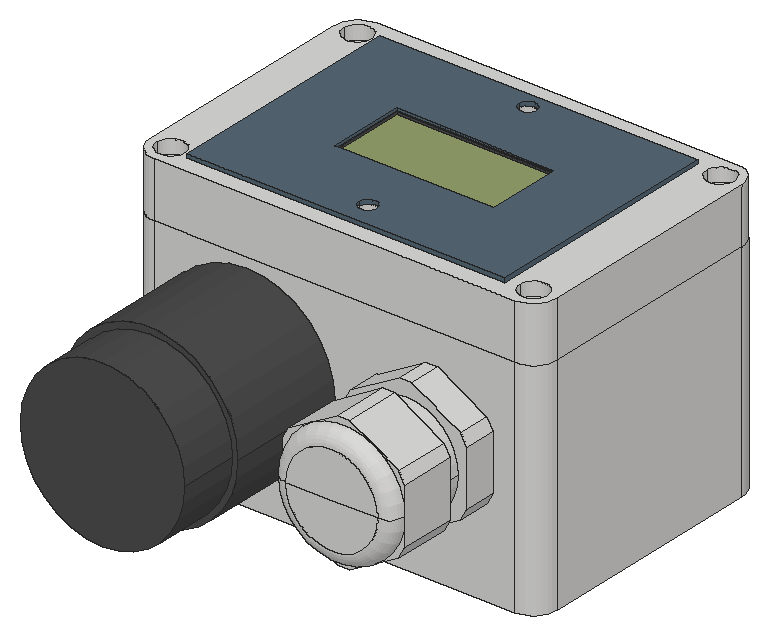
Revit family "Electrical_Controls_Conspec_CN-Series-Fixed-Gas-Detector", category Electrical Fixtures, host Face, Revit 2026
Family settings
  Host = Face
  Round Connector Dimension = Use Diameter
  Part Type = Normal
  Classification Number = 23.85.30.21
  Cut with Voids When Loaded = No
  Maintain Annotation Orientation = No
  Shared = No
  Room Calculation Point = No
Parameters (values of type "CN – Ammonia")
  Width = 4.33"  # constant formula
  Weight = 3.00 lbf  # constant formula
  Voltage Range = "12V - 24V DC"  # constant formula
  Voltage = 24 V
  Version = 1  # constant formula
  URL = "https://www.conspec-controls.com/"
  Sensory Types = "Electrochemical, Catalytic Bead, Infrared, Photo-Ionization, Thermal Conductivity"  # constant formula
  Product data url = "https://bimobject.com/conspec-controls/product/cn-series-fixed-gas-detector"
  Product Material = Conspec - Plastic - FR ABS - Grey
  Power Factor = 0.8
  Output Signal = "Linear 4-20mA"  # constant formula
  Operating Humidity = "10% to 90% RH Non-Condesing"  # constant formula
  Operating Temperature = "-4°F to +120°F"  # constant formula
  Number of Poles = 3
  Models = "2 (Calibration & Normal)"  # constant formula
  Model = "CN01"
  Manufacturer = "CONSPEC Controls"  # constant formula
  Gas Detecting = "Ammonia"
  Display = "2 line, 8 character Alphanumeric LCD"  # constant formula
  Keynote = "16000"
  Height = 2.95"  # constant formula
  Frequency = 0 Hz
  Enclosure Rating and Finish = "NEMA 4X"  # constant formula
  Description = "CN Series Fixed Gas Detector"  # constant formula
  Depth = 2.97"  # constant formula
  Default Elevation = 0.00"
  Date Updated = "2023/10/17"  # constant formula
  Date Created = "2023/10/17"  # constant formula
  Current Consumption = 50 mA  # constant formula
  Cable Requirements = "3-Conductor 18 AWG Suggested"  # constant formula
  Assembly Code = "D5030"
  Apparent Load = 0 VA
Types (13): name | Model | Gas Detecting
  CN – Sulfur Dioxide | "CN13" | "Sulfur Dioxide"
  CN – Ozone | "CN12" | "Ozone"
  CN – Oxygen | "CN11" | "Oxygen"
  CN – Nitrogen Dioxide | "CN10" | "Nitrogen Dioxide"
  CN – Nitric Oxide | "CN09" | "Nitric Oxide"
  CN – Hydrogen Sulfide | "CN08" | "Hydrogen Sulfide"
  CN – Hydrogen Chloride | "CN07" | "Hydrogen Chloride"
  CN – Hydrogen | "CN06" | "Hydrogen"
  CN – Combustibles | "CN05" | "Combustibles"
  CN – Chlorine | "CN04" | "Chlorine"
  CN – Carbon Monoxide | "CN03" | "Carbon Monoxide"
  CN – Carbon Dioxide | "CN02" | "Carbon Dioxide"
  CN – Ammonia | "CN01" | "Ammonia"
Reference planes (in)
  plane 1 "Center (Front/Back)": y = 0
  plane 2: z = 0
  plane 3 "Center (Left/Right)": x = 0
  plane 4: x = -2.165
  plane 5: x = 2.165
  plane 6: y = 1.475
  plane 7: y = -1.475
  plane 8: z = 2.97
  plane 9: z = 2.38189
  plane 10: x = -0.93772
  plane 11: x = 1.03103
  plane 12: z = 1.34073
Forms (in)
  Extrusion 1, solid, material "Conspec - Plastic - FR ABS - Grey" <- "Product Material", detail levels coarse
    sketch origin (0, 0, 0) x (1, 0, 0) y (0, 1, 0)
      loop
        line (-2.165, 1.475) -> (-2.165, -1.475) -> (2.165, -1.475) -> (2.165, 1.475) -> (-2.165, 1.475)
    from 0 to 2.97
  Extrusion 2, solid, material "Conspec - Plastic - FR ABS - Grey" <- "Product Material", detail levels fine
    sketch origin (0, 0, 0) x (1, 0, 0) y (0, 1, 0)
      loop
        arc (-1.915, 1.475) -> (-2.09178, 1.40178) -> (-2.165, 1.225) r 0.25
        line (-2.165, 1.225) -> (-2.165, -1.225)
        arc (-2.165, -1.225) -> (-2.09178, -1.40178) -> (-1.915, -1.475) r 0.25
        line (-1.915, -1.475) -> (1.915, -1.475)
        arc (1.915, -1.475) -> (2.09178, -1.40178) -> (2.165, -1.225) r 0.25
        line (2.165, -1.225) -> (2.165, 1.225)
        arc (2.165, 1.225) -> (2.09178, 1.40178) -> (1.915, 1.475) r 0.25
        line (1.915, 1.475) -> (-1.915, 1.475)
    from 2.38189 to 2.97
  Extrusion 3, solid, material "Conspec - Plastic - Green Transparent - Screen", detail levels fine
    sketch origin (-8.18718, -180, 2.97) x (-1, 0, 0) y (0, -1, 0)
      loop
        line (-7.34378, -180.39856) -> (-7.34378, -179.58606) -> (-9.03128, -179.58606) -> (-9.03128, -180.39856) -> (-7.34378, -180.39856)
    from 0 to -0.05
  Extrusion 4, void
    sketch origin (-8.18718, -180, 2.97) x (-1, 0, 0) y (0, -1, 0)
      loop
        line (-9.03128, -180.39856) -> (-7.34378, -180.39856) -> (-7.34378, -179.58606) -> (-9.03128, -179.58606) -> (-9.03128, -180.39856)
    from 0 to -0.05
  Extrusion 5, void
    sketch origin (0, 0, 0) x (1, 0, 0) y (0, 1, 0)
      loop
        circle (1.9302, 0.88431) r 0.095
      loop
        circle (-1.9302, 0.88431) r 0.095
      loop
        circle (1.9302, -0.88431) r 0.095
      loop
        circle (-1.9302, -0.88431) r 0.095
    from 0 to 0.25
  Extrusion 6, solid, material "Conspec - Plastic - FR ABS - Grey" <- "Product Material", detail levels medium+fine
    sketch origin (0, 0, 0) x (1, 0, 0) y (0, 1, 0)
      loop
        arc (-1.915, 1.475) -> (-2.09178, 1.40178) -> (-2.165, 1.225) r 0.25
        line (-2.165, 1.225) -> (-2.165, -1.225)
        arc (-2.165, -1.225) -> (-2.09178, -1.40178) -> (-1.915, -1.475) r 0.25
        line (-1.915, -1.475) -> (1.915, -1.475)
        arc (1.915, -1.475) -> (2.09178, -1.40178) -> (2.165, -1.225) r 0.25
        line (2.165, -1.225) -> (2.165, 1.225)
        arc (2.165, 1.225) -> (2.09178, 1.40178) -> (1.915, 1.475) r 0.25
        line (1.915, 1.475) -> (-1.915, 1.475)
    from 0 to 2.38189
  Extrusion 7, solid, material "Conspec - Plastic - PC - Dark Blue", detail levels medium+fine
    sketch origin (-8.18718, -180, 2.97) x (-1, 0, 0) y (0, -1, 0)
      loop
        line (-6.46878, -178.71106) -> (-9.84378, -178.71106) -> (-9.84378, -181.27356) -> (-6.46878, -181.27356) -> (-6.46878, -178.71106)
      loop
        line (-9.03128, -179.58606) -> (-9.03128, -180.39856) -> (-7.34378, -180.39856) -> (-7.34378, -179.58606) -> (-9.03128, -179.58606)
      loop
        circle (-8.18718, -181.09261) r 0.095
      loop
        circle (-8.18718, -178.96598) r 0.095
    from 0 to 0.04
  Extrusion 8, solid, material "Conspec - Plastic - PC - Black", detail levels fine
    sketch origin (-8.18718, -180, 2.97) x (-1, 0, 0) y (0, -1, 0)
      loop
        line (-9.03128, -180.39856) -> (-7.34378, -180.39856) -> (-7.34378, -179.58606) -> (-9.03128, -179.58606) -> (-9.03128, -180.39856)
      loop
        line (-9.01128, -180.37656) -> (-7.36378, -180.37656) -> (-7.36378, -179.60606) -> (-9.01128, -179.60606) -> (-9.01128, -180.37656)
    from 0.02 to -0.05
  Extrusion 9, solid, material "Conspec - Plastic - PC - Black"
    sketch origin (-18.83238, -1.475, 48) x (-1, 0, 0) y (0, 0, 1)
      loop
        circle (-17.89466, -46.65927) r 0.94
    from 0 to -1.28551
  Extrusion 10, solid, material "Conspec - Plastic - PC - Black"
    sketch origin (-18.83238, -1.475, 48) x (-1, 0, 0) y (0, 0, 1)
      loop
        circle (-17.89466, -46.65927) r 0.875
    from -1.28551 to -1.91051
  Extrusion 11, solid, material "Conspec - Plastic - FR ABS - Grey" <- "Product Material", detail levels medium
    sketch origin (-3.16281, -180, 2.38189) x (-1, 0, 0) y (0, -1, 0)
      loop
        arc (-1.24781, -181.475) -> (-1.07104, -181.40178) -> (-0.99781, -181.225) r 0.25
        line (-0.99781, -181.225) -> (-0.99781, -178.775)
        arc (-0.99781, -178.775) -> (-1.07104, -178.59822) -> (-1.24781, -178.525) r 0.25
        line (-1.24781, -178.525) -> (-5.07781, -178.525)
        arc (-5.07781, -178.525) -> (-5.25459, -178.59822) -> (-5.32781, -178.775) r 0.25
        line (-5.32781, -178.775) -> (-5.32781, -181.225)
        arc (-5.32781, -181.225) -> (-5.25459, -181.40178) -> (-5.07781, -181.475) r 0.25
        line (-5.07781, -181.475) -> (-1.24781, -181.475)
    from 0 to 0.58811
  Extrusion 12, void
    sketch origin (-8.18718, -180, 2.97) x (-1, 0, 0) y (0, -1, 0)
      loop
        circle (-6.25889, -181.23768) r 0.15
      loop
        circle (-10.11546, -181.23768) r 0.15
      loop
        circle (-6.25889, -178.76232) r 0.15
      loop
        circle (-10.11546, -178.76232) r 0.15
      loop
        circle (-8.18718, -181.09261) r 0.095
      loop
        circle (-8.18718, -178.96598) r 0.095
    from 0 to -0.14
  Extrusion 13, solid, material "Conspec - Plastic - FR ABS - Grey", detail levels coarse
    sketch origin (-18.83238, -1.475, 48) x (-1, 0, 0) y (0, 0, 1)
      loop
        line (-19.28081, -46.24554) -> (-19.79641, -45.94785) -> (-19.93041, -45.94785) -> (-20.44602, -46.24554) -> (-20.51302, -46.36158) -> (-20.51302, -46.95696) -> (-20.44602, -47.073) -> (-19.93041, -47.37069) -> (-19.79641, -47.37069) -> (-19.28081, -47.073) -> (-19.21381, -46.95696) -> (-19.21381, -46.36158) -> (-19.28081, -46.24554)
    from 0 to -1.3285
  Revolve 14, solid, material "Conspec - Plastic - FR ABS - Grey", detail levels medium+fine
    sketch origin (-3.08319, -180, 1.34073) x (-1, 0, 0) y (0, -1, 0)
      loop
        line (-4.11423, -177.1965) -> (-4.11423, -178.525) -> (-3.55786, -178.525) -> (-3.55786, -177.35589) -> (-3.46462, -177.35589)
        arc (-3.46462, -177.35589) -> (-3.51432, -177.24291) -> (-3.62869, -177.1965) r 0.16414
        line (-3.62869, -177.1965) -> (-4.11423, -177.1965)
      axis (-4.11423, -178.525) -> (-4.11423, -177.1965)
    angle from 0 to 360
  Extrusion 15, solid, material "Conspec - Plastic - FR ABS - Grey", detail levels medium+fine
    sketch origin (-18.83238, -1.475, 48) x (-1, 0, 0) y (0, 0, 1)
      loop
        line (-19.93041, -45.94785) -> (-20.44602, -46.24554) -> (-20.51302, -46.36158) -> (-20.51302, -46.95696) -> (-20.44602, -47.073) -> (-19.93041, -47.37069) -> (-19.79641, -47.37069) -> (-19.28081, -47.073) -> (-19.21381, -46.95696) -> (-19.21381, -46.36158) -> (-19.28081, -46.24554) -> (-19.79641, -45.94785) -> (-19.93041, -45.94785)
    from 0 to -0.34472
  Extrusion 16, solid, material "Conspec - Plastic - FR ABS - Grey", detail levels medium+fine
    sketch origin (-18.83238, -1.475, 48) x (-1, 0, 0) y (0, 0, 1)
      loop
        line (-19.93041, -45.94785) -> (-20.44602, -46.24554) -> (-20.51302, -46.36158) -> (-20.51302, -46.95696) -> (-20.44602, -47.073) -> (-19.93041, -47.37069) -> (-19.79641, -47.37069) -> (-19.28081, -47.073) -> (-19.21381, -46.95696) -> (-19.21381, -46.36158) -> (-19.28081, -46.24554) -> (-19.79641, -45.94785) -> (-19.93041, -45.94785)
    from -0.57259 to -1.16911
Cuts and joins
  Extrusion 4, Extrusion 5, Extrusion 12 cuts Extrusion 2
  Extrusion 4, Extrusion 5 cuts Extrusion 6
  Extrusion 4 cuts Extrusion 11
  joined: Revolve 14, Extrusion 15, Extrusion 16
Lines and regions (in)
  Masking region 1
    outline origin (-6.03282, 2.555, 48) x (-1, 0, 0) y (0, 0, 1)
      loop
        line (-3.86782, -45.03) -> (-8.19782, -45.03) -> (-8.19782, -48) -> (-3.86782, -48) -> (-3.86782, -45.03)
  Masking region 2, detail levels medium+fine
    outline origin (-18.83238, -1.475, 48) x (-1, 0, 0) y (0, 0, 1)
      loop
        line (-16.66738, -45.03) -> (-20.99738, -45.03) -> (-20.99738, -45.61811) -> (-16.66738, -45.61811) -> (-16.66738, -45.03)
  Masking region 3, detail levels fine
    outline origin (-18.83238, -1.475, 48) x (-1, 0, 0) y (0, 0, 1)
      loop
        line (-17.11398, -44.99) -> (-20.48898, -44.99) -> (-20.48898, -45.03) -> (-17.11398, -45.03) -> (-17.11398, -44.99)
  model lines, detail levels coarse
    curve 1: circle (-1.92781, 0.88327, 0) r 0.095 normal (0, 0, 1)
    curve 2: circle (1.92781, 0.88327, 0) r 0.095 normal (0, 0, -1)
    curve 3: circle (-1.92781, -0.88327, 0) r 0.095 normal (0, 0, -1)
    curve 4: circle (1.92781, -0.88327, 0) r 0.095 normal (0, 0, 1)
Dimensions and locks (in)
  equal spacing: plane 4, plane 3 "Center (Left/Right)", plane 5
  equal spacing: plane 6, plane 1 "Center (Front/Back)", plane 7
  locked: plane 4 to plane 5 at 4.33
  locked: plane 6 to plane 7 at 2.95
  locked: plane 8 to plane 9 at 0.58811
  locked: plane 4 to plane 10 at 1.22728
  locked: plane 11 to plane 5 at 1.13397
  Extrusion 8 sketch curve to Extrusion 7 = 0.022"
  Extrusion 7 to Extrusion 8 sketch curve = 0.02"
  Extrusion 8 sketch curve to Extrusion 7 = 0.02"  (x2)
  locked: plane 9 to plane 12 at 1.04116
  aligned and locked: plane 2 to host face
  aligned and locked: level to host face
  aligned and locked: Extrusion 1 sketch curve to plane 6
  aligned and locked: Extrusion 1 sketch curve to plane 4
  aligned and locked: Extrusion 1 sketch curve to plane 5
  aligned and locked: Extrusion 1 sketch curve to plane 7
  aligned and locked: Extrusion 1 to plane 2
  aligned and locked: plane 8 to Extrusion 1
  aligned and locked: Extrusion 2 sketch curve to plane 6
  aligned and locked: Extrusion 2 sketch curve to plane 7
  aligned and locked: Extrusion 2 sketch curve to plane 5
  aligned and locked: Extrusion 2 sketch curve to plane 4
  aligned and locked: plane 8 to Extrusion 2
  aligned and locked: Extrusion 6 sketch curve to plane 4
  aligned and locked: plane 6 to Extrusion 6 sketch curve
  aligned and locked: plane 5 to Extrusion 6 sketch curve
  aligned and locked: Extrusion 6 sketch curve to plane 7
  aligned and locked: Extrusion 6 to plane 2
  aligned and locked: plane 10 to Extrusion 9 sketch curve
  aligned and locked: plane 9 to cut or joined group of Extrusion 4, Extrusion 5, Extrusion 6
  aligned and locked: plane 6 to Extrusion 11 sketch curve
  aligned and locked: plane 5 to Extrusion 11 sketch curve
  aligned and locked: Extrusion 11 sketch curve to plane 7
  aligned and locked: Extrusion 11 sketch curve to plane 4
  aligned and locked: Extrusion 11 to plane 9
  aligned and locked: plane 8 to Extrusion 11
  aligned and locked: cut or joined group of Extrusion 2, Extrusion 4, Extrusion 5, Extrusion 12 to plane 9
  aligned and locked: Extrusion 4 sketch curve to Extrusion 7  (x4)
  aligned and locked: Extrusion 7 to Extrusion 3 sketch curve
  aligned and locked: Extrusion 3 sketch curve to Extrusion 7  (x3)
  aligned and locked: Extrusion 8 sketch curve to Extrusion 7  (x4)
  aligned and locked: Revolve 14 sketch curve to plane 11  (x2)
  aligned and locked: Revolve 14 sketch curve to plane 7
  aligned and locked: Extrusion 16 to cut or joined group of Revolve 14, Extrusion 15, Extrusion 16
  aligned and locked: Masking region 2 sketch curve to plane 8
  aligned and locked: plane 9 to Masking region 2 sketch curve
  aligned and locked: plane 4 to Masking region 2 sketch curve
  aligned and locked: Masking region 2 sketch curve to plane 5
  aligned and locked: plane 8 to Masking region 3 sketch curve
Automatic sketch dimensions
  host sketch curve to host sketch curve = 96.00"  (x2)
  plane 4 to Extrusion 2 sketch curve = 0.25"  (x2)
  Extrusion 2 sketch curve to plane 5 = 0.25"  (x2)
  Extrusion 6 sketch curve to Extrusion 6 sketch curve = 0.25"  (x2)
  Extrusion 6 sketch curve to plane 5 = 0.25"  (x2)
  Extrusion 11 sketch curve to plane 5 = 0.25"  (x2)
  plane 4 to Extrusion 11 sketch curve = 0.25"
  Extrusion 11 sketch curve to Extrusion 11 sketch curve = 0.25"
  plane 4 to Extrusion 5 sketch curve = 0.2348"  (x2)
  Extrusion 5 sketch curve to plane 5 = 0.2348"  (x2)
  plane 7 to Extrusion 5 sketch curve = 0.59069"  (x2)
  Extrusion 5 sketch curve to plane 6 = 0.59069"  (x2)
  plane 4 to curve 3 = 0.23719"
  plane 4 to curve 1 = 0.23719"
  curve 4 to plane 5 = 0.23719"
  curve 2 to plane 5 = 0.23719"
  plane 7 to curve 3 = 0.59173"
  plane 7 to curve 4 = 0.59173"
  curve 2 to plane 6 = 0.59173"
  curve 1 to plane 6 = 0.59173"
  Masking region 1 sketch curve to plane 5 = 0.00"
  Masking region 1 sketch curve to plane 4 = 0.00"
  Masking region 1 sketch curve to level = 0.00"
  Masking region 1 sketch curve to plane 8 = 0.00"
  Extrusion 9 sketch curve to plane 9 = 1.04116"
  Extrusion 10 sketch curve to plane 10 = 0.00"
  Extrusion 10 sketch curve to plane 9 = 1.04116"
  Extrusion 7 sketch curve to plane 3 "Center (Left/Right)" = 0.00"  (x2)
  Extrusion 7 sketch curve to plane 11 = 0.18693"
  Extrusion 7 sketch curve to plane 6 = 0.20144"
  Extrusion 7 sketch curve to plane 5 = 0.5084"
  plane 10 to Extrusion 7 sketch curve = 0.09432"
  plane 7 to Extrusion 7 sketch curve = 0.18606"
  plane 4 to Extrusion 7 sketch curve = 0.4466"
  Extrusion 7 sketch curve to plane 6 = 0.38239"
  Extrusion 7 sketch curve to plane 1 "Center (Front/Back)" = 0.39856"
  plane 1 "Center (Front/Back)" to Extrusion 7 sketch curve = 0.41394"
  plane 7 to Extrusion 7 sketch curve = 0.44098"
  Extrusion 12 sketch curve to plane 5 = 0.23672"  (x2)
  plane 4 to Extrusion 12 sketch curve = 0.23672"  (x2)
  Extrusion 12 sketch curve to plane 6 = 0.23732"  (x2)
  plane 7 to Extrusion 12 sketch curve = 0.23732"  (x2)
  Extrusion 12 sketch curve to plane 3 "Center (Left/Right)" = 0.00"  (x2)
  Extrusion 12 sketch curve to plane 6 = 0.38239"
  plane 3 "Center (Left/Right)" to Extrusion 12 sketch curve = 0.095"  (x2)
  Extrusion 12 sketch curve to Extrusion 12 sketch curve = 0.00"  (x2)
  plane 7 to Extrusion 12 sketch curve = 0.44098"
  Extrusion 13 sketch curve to plane 5 = 0.48436"
  Extrusion 13 sketch curve to Extrusion 13 sketch curve = 0.067"  (x3)
  plane 11 to Extrusion 13 sketch curve = 0.067"  (x2)
  Extrusion 13 sketch curve to plane 11 = 0.067"  (x2)
  plane 3 "Center (Left/Right)" to Extrusion 13 sketch curve = 0.44843"  (x2)
  level to Extrusion 13 sketch curve = 0.62931"
  Extrusion 13 sketch curve to Extrusion 13 sketch curve = 0.29769"  (x2)
  Extrusion 13 sketch curve to Extrusion 13 sketch curve = 0.11605"  (x4)
  Extrusion 13 sketch curve to Extrusion 13 sketch curve = 0.59537"  (x2)
  Extrusion 13 sketch curve to plane 9 = 0.32974"
  Revolve 14 sketch curve to plane 7 = 0.00"
  Revolve 14 sketch curve to Revolve 14 sketch curve = 0.48553"
  Revolve 14 sketch curve to Revolve 14 sketch curve = 0.07083"
  Revolve 14 sketch curve to Revolve 14 sketch curve = 0.09324"
  Revolve 14 sketch curve to Revolve 14 sketch curve = 1.16436"
  Revolve 14 sketch curve to Revolve 14 sketch curve = 0.00475"
  Revolve 14 sketch curve to Revolve 14 sketch curve = 0.6436"
  Extrusion 15 sketch curve to plane 5 = 0.48436"
  Extrusion 15 sketch curve to Extrusion 15 sketch curve = 0.067"  (x3)
  plane 11 to Extrusion 15 sketch curve = 0.067"  (x2)
  Extrusion 15 sketch curve to plane 11 = 0.067"  (x2)
  plane 3 "Center (Left/Right)" to Extrusion 15 sketch curve = 0.44843"  (x2)
  level to Extrusion 15 sketch curve = 0.62931"
  Extrusion 15 sketch curve to plane 12 = 0.41373"  (x2)
  Extrusion 15 sketch curve to Extrusion 15 sketch curve = 0.11605"  (x4)
  plane 12 to Extrusion 15 sketch curve = 0.29769"  (x2)
  Extrusion 15 sketch curve to plane 9 = 0.32974"
  Extrusion 16 sketch curve to plane 5 = 0.48436"
  Extrusion 16 sketch curve to Extrusion 16 sketch curve = 0.067"  (x3)
  plane 11 to Extrusion 16 sketch curve = 0.067"  (x2)
  Extrusion 16 sketch curve to plane 11 = 0.067"  (x2)
  plane 3 "Center (Left/Right)" to Extrusion 16 sketch curve = 0.44843"  (x2)
  level to Extrusion 16 sketch curve = 0.62931"
  Extrusion 16 sketch curve to plane 12 = 0.41373"  (x2)
  Extrusion 16 sketch curve to Extrusion 16 sketch curve = 0.11605"  (x4)
  plane 12 to Extrusion 16 sketch curve = 0.29769"  (x2)
  Extrusion 16 sketch curve to plane 9 = 0.32974"
  plane 8 to Masking region 3 sketch curve = 0.04"
  Masking region 3 sketch curve to plane 5 = 0.5084"
  plane 4 to Masking region 3 sketch curve = 0.4466"
  radius of Extrusion 5 sketch curve = 0.095"  (x4)
  radius of curve 1 = 0.095"
  radius of curve 2 = 0.095"
  radius of curve 3 = 0.095"
  radius of curve 4 = 0.095"
  radius of Extrusion 9 sketch curve = 0.94"
  radius of Extrusion 10 sketch curve = 0.875"
  radius of Extrusion 7 sketch curve = 0.095"  (x2)
  radius of Extrusion 12 sketch curve = 0.15"  (x4)
Connectors (in)
  electrical at (0, 0, 0), driven by "Number of Poles", driven by "Voltage", driven by "Apparent Load", driven by "Apparent Load", driven by "Apparent Load", driven by "Power Factor"
    settings: on cut or joined group of Extrusion 4, Extrusion 5, Extrusion 6, index 1, voltage 24 V, apparent load 0 VA, apparent load phase1 0 VA, apparent load phase2 0 VA, apparent load phase3 0 VA, power factor 0.8, load classification "Other", number of poles 3, system type 31, power factor state 1, is connector primary yes, connector utility no, sub classification motor no, connector description "Power Connector"
